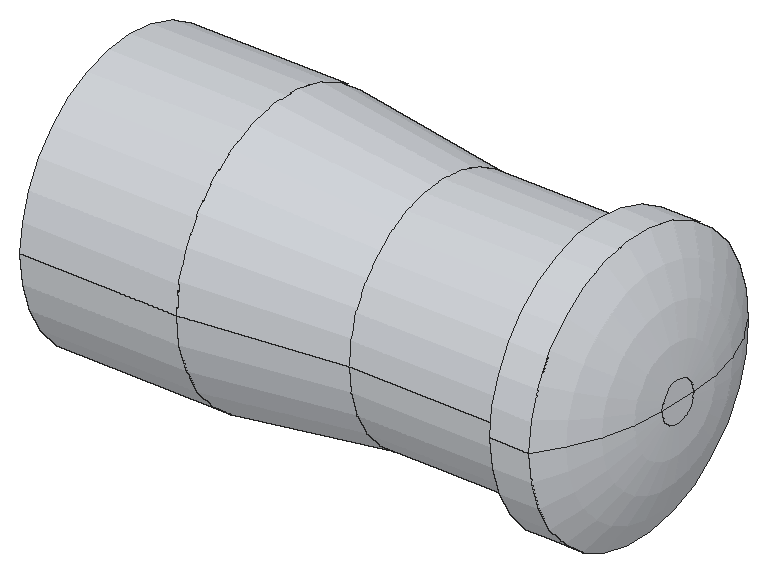
Revit family "becec4cf08584fcfbe81cf9d6a6ba3f8", category Pipe Accessories, Revit 2021
Family settings
  Round Connector Dimension = Use Radius
  Part Type = EndCap
  OmniClass Number = 23.65.55.14.17
  OmniClass Title = Adjusting/Controlling Valves for Liquid Services
  Work Plane-Based = No
  Always vertical = Yes
  Cut with Voids When Loaded = No
  Shared = No
Parameters (values of type "2"")
  Valve Material = none
  Symbol Length 1 = Valve Height * tan(30.00°) * 0.5  # 4.33013"
  Stem Radius = 0.51667"
  Socket Outside Diameter = Inlet Nominal Diameter * 1.25 + 1/2"  # 3"
  Outlet Nominal Radius = 1/4"  # constant formula
  Default Elevation = 0"
  Cover Radius = Cover Diameter / 2  # 3 1/2"
  Cover Diameter = 7"
  Valve Height = 15"
  Inlet Nominal Radius = 1"
  Inlet Nominal Diameter = Inlet Nominal Radius * 2  # 2"
  K Coefficient = 7
  Socket Depth = Inlet Nominal Diameter * 0.5  # 1"
  Socket Outside Radius = Socket Outside Diameter / 2  # 1 1/2"
Reference planes (in)
  plane 1 "Center (Front/Back)": y = 0
  plane 2: z = 0
  plane 3 "Center (Left/Right)": x = 0
  plane 4: y = -4.33013
  plane 5: y = 4.33013
  plane 6: x = 15
  plane 7: x = 1
  plane 8: x = 5
  plane 9: x = 13
  plane 10: x = 9
Forms (in)
  Revolve 1, solid, material <- "Valve Material", detail levels fine
    sketch origin (8.75, 0, 0) x (1, 0, 0) y (0, 1, 0)
      loop
        line (6.25, 0) -> (6.25, 0.5)
        arc (6.25, 0.5) -> (5.99342, 2.08114) -> (5.25, 3.5) r 5
        line (5.25, 3.5) -> (4.25, 3.5) -> (4.25, 3) -> (0.25, 3) -> (-3.75, 3.5) -> (-7.75, 3.5) -> (-7.75, 1.5) -> (-8.75, 1.5) -> (-8.75, 0) -> (6.25, 0)
      axis (-8.75, 0) -> (6.25, 0)
    angle from 0 to 360
Lines and regions (in)
  reference lines, not visible
    curve 1: line (0, 0, 0) -> (0.86036, 0, -1.22873)
  model lines, detail levels coarse+medium
    curve 2: line (0, 4.33013, 0) -> (0, -4.33013, 0)
    curve 3: line (15, 4.33013, 0) -> (15, -4.33013, 0)
    curve 4: line (15, -4.33013, 0) -> (0, 4.33013, 0)
    curve 5: line (0, -4.33013, 0) -> (15, 4.33013, 0)
Dimensions and locks (in)
  "Symbol Length 1": plane 5 to plane 1 "Center (Front/Back)"
  "Symbol Length 1": plane 1 "Center (Front/Back)" to plane 4
  "Valve Height": plane 3 "Center (Left/Right)" to plane 6
  "Socket Depth": plane 3 "Center (Left/Right)" to plane 7
  locked: plane 9 to plane 6 at 2
  "Socket Outside Radius": Revolve 1 sketch curve to Revolve 1 sketch curve
  equal spacing: plane 7, plane 8, plane 10, plane 9
  "Cover Radius": Revolve 1 sketch curve to Revolve 1 sketch curve
  locked: Revolve 1 sketch curve to Revolve 1 sketch curve at 0.5
  Revolve 1 sketch curve to Revolve 1 sketch curve = 1"
  aligned and locked: plane 3 "Center (Left/Right)" to curve 1
  aligned and locked: level to curve 1
  aligned and locked: plane 1 "Center (Front/Back)" to Revolve 1 sketch curve
  aligned and locked: Revolve 1 sketch curve to Revolve 1 sketch curve  (x2)
  aligned and locked: plane 3 "Center (Left/Right)" to Revolve 1 sketch curve
  aligned and locked: Revolve 1 sketch curve to plane 7
  aligned and locked: curve 2 to plane 3 "Center (Left/Right)"
  aligned and locked: plane 4 to curve 2
  aligned and locked: plane 5 to curve 2
  aligned and locked: plane 5 to curve 3
  aligned and locked: plane 4 to curve 3
  aligned and locked: curve 3 to plane 6
  aligned and locked: Revolve 1 sketch curve to plane 9
  aligned and locked: plane 8 to Revolve 1 sketch curve
  aligned and locked: plane 10 to Revolve 1 sketch curve
  aligned and locked: plane 6 to Revolve 1 sketch curve
Automatic sketch dimensions
  plane 3 "Center (Left/Right)" to curve 1 = 0.86036"
  curve 1 to level = 1.22873"
  Revolve 1 sketch curve to plane 1 "Center (Front/Back)" = 1/2"
  Revolve 1 sketch curve to plane 3 "Center (Left/Right)" = 10.05593"
  Revolve 1 sketch curve to Revolve 1 sketch curve = 22.44407"
Connectors (in)
  piping at (0, 0, 0), diameter 2, driven by "Inlet Nominal Radius"
    settings: on Revolve 1, index 1, connector inside diameter 24", connector length 0", flow factor 0, pipe flow 0 GPM, pressure drop 0.00 psi, fitting loss kfactor 0, connector angle 0.00°, fixture units 0, engagement length 0", angle of deflection 0.00°, flow configuration 1, flow direction 1, fitting loss method 0, system type 29, joint type 0, gender type 0, connector reference index -1, connector utility 0, adjustable connector no, is connector primary yes, connector description "Water In"
  piping at (15, 0, 0), diameter 0.5, driven by "Outlet Nominal Radius"
    settings: on Revolve 1, index 2, connector inside diameter 24", connector length 0", flow factor 0, pipe flow 0 GPM, pressure drop 0.00 psi, fitting loss kfactor 0, connector angle 0.00°, fixture units 0, engagement length 0", angle of deflection 0.00°, flow configuration 0, flow direction 2, fitting loss method 0, system type 29, joint type 0, gender type 0, connector reference index -1, connector utility 0, adjustable connector no, is connector primary no, connector description ""
